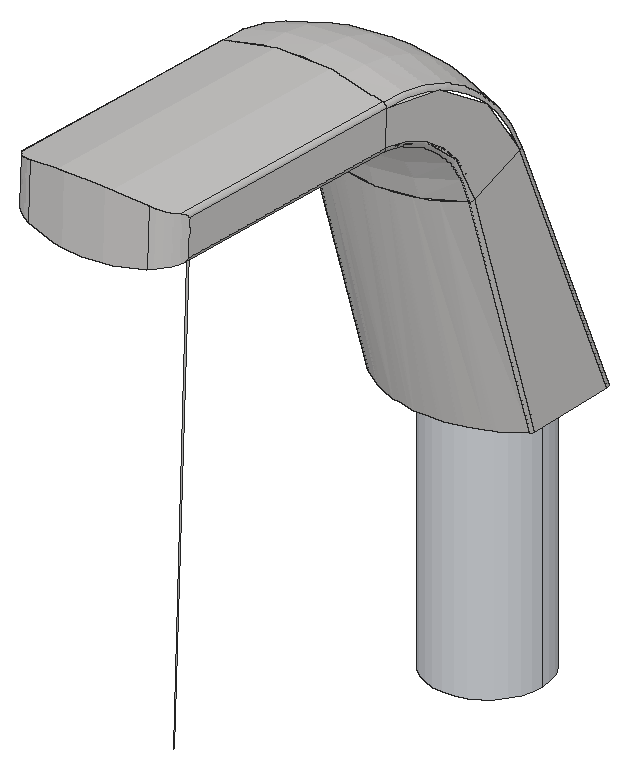
Revit family "TSL.R010", category Specialty Equipment, host Face, Revit 2017
Family settings
  Host = Face
  Round Connector Dimension = Use Diameter
  Part Type = Normal
  OmniClass Number = 23.40.20.21.34
  OmniClass Title = Soap Holders, Dispensers
  Cut with Voids When Loaded = No
  Shared = No
  Room Calculation Point = No
Parameters (values of type "TSL.R010")
  material = Steel-Lovair-Satin
  Waste Connection = no
  WarrantyStartDate [instance] = "1900-12-31T23:59:59"
  WarrantyGuarantorParts = "https://thesplashlab.com/"
  WarrantyGuarantorLabor = "n/a"
  WarrantyDurationUnit = "year"
  WarrantyDurationParts = "1"
  WarrantyDurationLabor = "n/a"
  WarrantyDescription = "2 years from date of purchase"
  Version = 0
  Vent Connection = no
  Uniclass2 = "45-35-72/358"
  URL = "https://thesplashlab.com/"
  TypeName = "TSL.R010"
  Type Comments = "Battery power, Satin finish"
  TagNumber [instance] = "n/a"
  SustainabilityPerformance = "n/a"
  Size = "n/a"
  Shape = "n/a"
  SerialNumber [instance] = "n/a"
  Revision = "n/a"
  ReplacementCost = "n/a"
  ReferencedStandard = ""
  ProductionYear = ""
  ProductInformation = "https://thesplashlab.com/"
  Product Specification Link = "https://thesplashlab.com/"
  Product Page Link = "https://thesplashlab.com/"
  Product O&M Link = "https://thesplashlab.com/"
  Product Documentation Link = "https://thesplashlab.com/"
  NominalWidth = 48 mm
  NominalLength = 164.3 mm
  NominalHeight = 113 mm
  Name = "TSL.R010"
  NBSTypeID = ""
  NBSReference = Uniclass2  # "45-35-72/358"
  NBSNote = ""
  NBSDescription = "n/a"
  NBS Specfication = ""
  ModelReference = "n/a"
  ModelNumber = "TSL.R010"
  Model = "TSL.R010"
  Material = "Stainless Steel"
  ManufacturerURL = "https://thesplashlab.com/"
  Manufacturer Tel = ""
  Manufacturer Fax = ""
  Manufacturer Address = ""
  Manufacturer = "The Splash Lab"
  Keynote = "N13/310"
  InstallationDate [instance] = "1900-12-31T23:59:59"
  IfcExportType = "SOAPDISPENSER"
  IfcExportAs = "IfcBuildingElementProxy"
  Grade = "304"
  Finish = "Brushed"
  Features = "n/a"
  Extidentifier = ""
  ExpectedLife = 2
  DurationUnit = "year"
  DocumentationTechnical = "https://thesplashlab.com/"
  DocumentationMaintenance = "https://thesplashlab.com/"
  DocumentationLiterature = "https://thesplashlab.com/"
  DocumentationInstallationGuide = "https://thesplashlab.com/"
  DocumentationCertificates = ""
  Description = ""
  Default Elevation = 0 mm
  CreatedOn = "April 2019"
  Constituents = "n/a"
  Color = "n/a"
  CodePerformance = "n/a"
  ClassificationValue = ""
  ClassificationName = ""
  Category = "n/a"
  BarCode [instance] = "n/a"
  BIMObjectName = "TSL.R010"
  Author = "https://thesplashlab.com/"
  AssetType = "fixed"
  AssetIdentifier [instance] = "n/a"
  Assembly Code = "C1030210"
  AccessibilityPerformance = "n/a"
Reference planes
  plane 1 "Center (Front/Back)": y = 0
  plane 2: z = 0
  plane 3 "Center (Left/Right)": x = 0
  plane 4: through (0, -66.841, 102.199) normal (0, 0.0418, 0.9991)
Forms (mm)
  SweptBlend 1, solid, material "Steel-Lovair-Satin" <- "material"
    path in 3D
      loop
        line (0, 3.42, -9.397) -> (0, -26.435, 72.629)
    profile origin (0, 3.42, -9.397) x (0, -0.939693, -0.34202) y (1, 0, 0)
      loop
        arc (12.64, -24) -> (13.265, -23.863) -> (13.776, -23.479) r 1.5
        arc (13.776, -23.479) -> (22.5, 0) -> (13.776, 23.48) r 35.959
        arc (13.776, 23.48) -> (13.265, 23.864) -> (12.64, 24) r 1.5
        line (12.64, 24) -> (-12.64, 24)
        arc (-12.64, 24) -> (-13.265, 23.864) -> (-13.776, 23.48) r 1.5
        arc (-13.776, 23.48) -> (-22.5, 0) -> (-13.776, -23.479) r 35.959
        arc (-13.776, -23.479) -> (-13.265, -23.863) -> (-12.64, -24) r 1.5
        line (-12.64, -24) -> (12.64, -24)
    end profile origin (0, -26.435, 72.629) x (0, -0.939693, -0.34202) y (1, 0, 0)
      loop
        line (8.539, 23.997) -> (-8.539, 23.997)
        arc (-8.539, 23.997) -> (-9.347, 23.762) -> (-9.9, 23.128) r 1.5
        arc (-9.9, 23.128) -> (-15, -0.003) -> (-9.899, -23.134) r 55
        arc (-9.899, -23.134) -> (-9.345, -23.768) -> (-8.538, -24.003) r 1.5
        line (-8.538, -24.003) -> (8.538, -24.003)
        arc (8.538, -24.003) -> (9.345, -23.768) -> (9.899, -23.134) r 1.5
        arc (9.899, -23.134) -> (15, -0.003) -> (9.9, 23.128) r 55
        arc (9.9, 23.128) -> (9.347, 23.762) -> (8.539, 23.997) r 1.5
  SweptBlend 2, solid, material "Steel-Lovair-Satin" <- "material"
    path in 3D
      loop
        arc (0, -26.435, 72.629) -> (0, -42.146, 93.553) -> (0, -66.841, 102.199) r 45
    profile origin (0, -26.435, 72.629) x (0, -0.939693, -0.34202) y (1, 0, 0)
      loop
        line (-8.538, -24.003) -> (8.538, -24.003)
        arc (8.538, -24.003) -> (9.345, -23.768) -> (9.899, -23.134) r 1.5
        arc (9.899, -23.134) -> (15, -0.003) -> (9.9, 23.128) r 55
        arc (9.9, 23.128) -> (9.347, 23.762) -> (8.539, 23.997) r 1.5
        line (8.539, 23.997) -> (-8.539, 23.997)
        arc (-8.539, 23.997) -> (-9.347, 23.762) -> (-9.9, 23.128) r 1.5
        arc (-9.9, 23.128) -> (-15, -0.003) -> (-9.899, -23.134) r 55
        arc (-9.899, -23.134) -> (-9.345, -23.768) -> (-8.538, -24.003) r 1.5
    end profile origin (0, -66.841, 102.199) x (0, -0.041774, -0.999127) y (1, 0, 0)
      loop
        arc (-6.313, -22.956) -> (-5.698, -23.759) -> (-4.714, -23.99) r 1.503
        line (-4.714, -23.99) -> (4.944, -23.991)
        arc (4.944, -23.991) -> (5.824, -23.706) -> (6.371, -22.961) r 1.504
        arc (6.371, -22.961) -> (10.086, -0.001) -> (6.372, 22.959) r 72.821
        arc (6.372, 22.959) -> (5.837, 23.7) -> (4.975, 24) r 1.521
        line (4.975, 24) -> (-5.047, 24)
        arc (-5.047, 24) -> (-5.833, 23.666) -> (-6.313, 22.96) r 1.514
        arc (-6.313, 22.96) -> (-9.914, 0.002) -> (-6.313, -22.956) r 74.981
  Sweep 3, solid, material "Steel-Lovair-Satin" <- "material"
    path in 3D
      loop
        line (0, -146.127, 105.514) -> (0, -66.841, 102.199)
    profile origin (0, -106.484, 103.856) x (0, 0.041774, 0.999127) y (1, 0, 0)
      loop
        arc (4.8, -23.99) -> (5.784, -23.76) -> (6.399, -22.956) r 1.5
        arc (6.399, -22.956) -> (10, 0.003) -> (6.398, 22.96) r 74.981
        arc (6.398, 22.96) -> (5.854, 23.713) -> (4.97, 24.01) r 1.5
        line (4.97, 24.01) -> (-5.004, 24)
        arc (-5.004, 24) -> (-5.868, 23.703) -> (-6.401, 22.957) r 1.5
        arc (-6.401, 22.957) -> (-10, -0.002) -> (-6.4, -22.959) r 75.012
        arc (-6.4, -22.959) -> (-5.92, -23.662) -> (-5.134, -23.991) r 1.5
        line (-5.134, -23.991) -> (4.8, -23.99)
  Extrusion 4, void
    sketch origin (0, 0, 0) x (0, 1, 0) y (0, 0, 1)
      loop
        line (47.171, 0) -> (-51.804, 0) -> (-51.804, -17.4) -> (47.171, -17.4) -> (47.171, 0)
    from -25 to 25
  Revolve 5, solid, material "Steel-Lovair-Satin" <- "material"
    sketch origin (0, 0, 0) x (0, 1, 0) y (0, 0, 1)
      loop
        line (-121.149, 104.469) -> (-121.532, 95.318)
        arc (-121.532, 95.318) -> (-121.138, 94.242) -> (-120.098, 93.76) r 1.497
        line (-120.098, 93.76) -> (-119.096, 93.718) -> (-119.034, 95.217) -> (-117.461, 95.151) -> (-116.175, 91.768) -> (-111.679, 91.58) -> (-111.158, 104.052) -> (-121.149, 104.469)
      axis (-111.158, 104.052) -> (-111.679, 91.58)
    angle from 0 to 360
  Sweep 6, solid, material "Steel-Lovair-Satin" <- "material"
    path in 3D
      loop
        spline (0, -101.476, 96.238) -> (-2.603, -101.819, 96.297) -> (-4.999, -102.81, 96.46) -> (-7.068, -104.387, 96.693) -> (-8.658, -106.447, 96.947) -> (-9.657, -108.853, 97.171) -> (-9.997, -111.441, 97.324) -> (-9.659, -114.021, 97.387) -> (-8.655, -116.45, 97.365) -> (-7.074, -118.512, 97.285) -> (-4.998, -120.111, 97.184) -> (-2.604, -121.111, 97.104) -> (0, -121.458, 97.073)
        spline (0, -121.458, 97.073) -> (2.603, -121.112, 97.104) -> (5.001, -120.108, 97.184) -> (7.071, -118.516, 97.284) -> (8.659, -116.444, 97.365) -> (9.657, -114.027, 97.387) -> (9.997, -111.435, 97.324) -> (9.658, -108.859, 97.171) -> (8.654, -106.442, 96.947) -> (7.071, -104.391, 96.694) -> (4.996, -102.807, 96.46) -> (2.604, -101.82, 96.297) -> (0, -101.476, 96.238)
    profile origin (9.997, -111.435, 97.324) x (0.99108, 0.00697, 0.133087) y (0.133262, -0.041347, -0.990218)
      loop
        line (-0.17, -0.19) -> (2.759, -0.19)
        arc (2.759, -0.19) -> (0.574, 0.544) -> (-0.54, 2.561) r 3.178
        line (-0.54, 2.561) -> (-0.17, -0.19)
  Extrusion 7, void
    sketch origin (0, -66.841, 102.199) x (0, -0.999127, 0.041774) y (-1, 0, 0)
      loop
        arc (67.621, 24.635) -> (73.81, 22.489) -> (77.344, 16.973) r 10
        arc (77.344, 16.973) -> (79.355, 0) -> (77.344, -16.973) r 72.599
        arc (77.344, -16.973) -> (73.81, -22.489) -> (67.621, -24.635) r 10
        line (67.621, -24.635) -> (86.052, -24.635) -> (86.052, 24.635) -> (67.621, 24.635)
    from -37.458 to 10.642
  Extrusion 8, solid
    sketch origin (-266.8, -230.5, 0) x (1, 0, 0) y (0, 1, 0)
      loop
        circle (266.8, 230.5) r 16
    from 0 to -74.558
Cuts and joins
  Extrusion 4 cuts SweptBlend 1
  Extrusion 7 cuts Sweep 3
  joined: Sweep 3, Revolve 5
Lines and regions (mm)
  Masking region 1
    outline origin (-266.8, -230.5, 0) x (1, 0, 0) y (0, 1, 0)
      loop
        line (242.801, 237.95) -> (242.801, 92.494)
        arc (242.801, 92.494) -> (245.522, 88.447) -> (249.827, 86.155) r 10.061
        arc (249.827, 86.155) -> (266.8, 84.071) -> (283.773, 86.155) r 70.145
        arc (283.773, 86.155) -> (288.078, 88.447) -> (290.799, 92.494) r 10.061
        line (290.799, 92.494) -> (290.799, 237.95)
        arc (290.799, 237.95) -> (290.656, 238.631) -> (290.252, 239.198) r 1.698
        arc (290.252, 239.198) -> (266.8, 248.411) -> (243.348, 239.198) r 34.456
        arc (243.348, 239.198) -> (242.944, 238.631) -> (242.801, 237.95) r 1.698
  Masking region 2
    outline origin (0, 0, 0) x (0, 1, 0) y (0, 0, 1)
      loop
        line (23.773, 0) -> (-12.339, 77.759)
        arc (-12.339, 77.759) -> (-34.11, 103.236) -> (-66.427, 112.104) r 57.079
        line (-66.427, 112.104) -> (-145.71, 115.505) -> (-146.545, 95.522) -> (-121.31, 94.441)
        arc (-121.31, 94.441) -> (-120.761, 93.936) -> (-120.037, 93.757) r 1.504
        line (-120.037, 93.757) -> (-116.888, 93.626) -> (-116.175, 91.768) -> (-107.179, 91.392) -> (-106.314, 93.172) -> (-103.166, 93.034)
        arc (-103.166, 93.034) -> (-102.429, 93.15) -> (-101.839, 93.606) r 1.504
        line (-101.839, 93.606) -> (-67.262, 92.124)
        arc (-67.262, 92.124) -> (-50.332, 83.679) -> (-40.527, 67.5) r 34.036
        line (-40.527, 67.5) -> (-22.337, 0) -> (23.773, 0)
  Masking region 3
    outline origin (-120.84, 6.966, 0) x (-1, 0, 0) y (0, 0, -1)
      loop
        line (-96.836, 0) -> (-144.837, 0) -> (-144.837, -110.252)
        arc (-144.837, -110.252) -> (-144.536, -111.11) -> (-143.802, -111.648) r 1.539
        arc (-143.802, -111.648) -> (-120.867, -115.505) -> (-97.93, -111.665) r 70.269
        arc (-97.93, -111.665) -> (-97.143, -111.108) -> (-96.842, -110.194) r 1.539
        line (-96.842, -110.194) -> (-96.836, 0)
  reference lines
    curve 1: line (0, 3.42, -9.397) -> (0, -26.435, 72.629)
    curve 2: line (0, -146.127, 105.514) -> (0, -66.841, 102.199)
    curve 3: arc (0, -26.435, 72.629) -> (0, -42.146, 93.553) -> (0, -66.841, 102.199) r 45
    curve 7: line (0, -111.158, 104.052) -> (0, -111.784, 89.065)
  sketch lines
    curve 4: line (0, 3.42, -9.397) -> (0, -26.435, 72.629)
    curve 5: arc (0, -26.435, 72.629) -> (0, -42.146, 93.553) -> (0, -66.841, 102.199) r 45
    curve 6: line (0, -146.127, 105.514) -> (0, -66.841, 102.199)
    curve 8: spline (0, -121.458, 97.073) -> (2.603, -121.112, 97.104) -> (5.001, -120.108, 97.184) -> (7.071, -118.516, 97.284) -> (8.659, -116.444, 97.365) -> (9.657, -114.027, 97.387) -> (9.997, -111.435, 97.324) -> (9.658, -108.859, 97.171) -> (8.654, -106.442, 96.947) -> (7.071, -104.391, 96.694) -> (4.996, -102.807, 96.46) -> (2.604, -101.82, 96.297) -> (0, -101.476, 96.238)
    curve 9: spline (0, -101.476, 96.238) -> (-2.603, -101.819, 96.297) -> (-4.999, -102.81, 96.46) -> (-7.068, -104.387, 96.693) -> (-8.658, -106.447, 96.947) -> (-9.657, -108.853, 97.171) -> (-9.997, -111.441, 97.324) -> (-9.659, -114.021, 97.387) -> (-8.655, -116.45, 97.365) -> (-7.074, -118.512, 97.285) -> (-4.998, -120.111, 97.184) -> (-2.604, -121.111, 97.104) -> (0, -121.458, 97.073)
  symbolic lines
    curve 10: arc (-21.669, -21.384, 0) -> (0, -17.092, 0) -> (21.669, -21.384, 0) r 56.849
  symbolic lines, style "0"
    curve 11: arc (0, -121.31, 94.441) -> (0, -111.555, 94.693) -> (0, -101.86, 93.588) r 70.065
    curve 12: line (0, -106.314, 93.172) -> (0, -116.884, 93.614)
    curve 13: arc (-22.733, 6.966, 111.725) -> (0.123, 6.966, 115.505) -> (22.97, 6.966, 111.665) r 70.436
    curve 14: arc (23.997, 6.966, 110.252) -> (23.706, 6.966, 111.12) -> (22.97, 6.966, 111.665) r 1.525
    curve 15: arc (-23.997, 6.966, 110.252) -> (-23.63, 6.966, 111.216) -> (-22.733, 6.966, 111.725) r 1.525
    curve 16: arc (-22.733, 6.966, 99.019) -> (0.123, 6.966, 95.239) -> (22.97, 6.966, 99.079) r 70.436
    curve 17: arc (23.997, 6.966, 100.492) -> (23.706, 6.966, 99.624) -> (22.97, 6.966, 99.079) r 1.525
    curve 18: arc (-23.997, 6.966, 100.492) -> (-23.63, 6.966, 99.528) -> (-22.733, 6.966, 99.019) r 1.525
    curve 19: line (-5.521, 6.966, 93.925) -> (-4.528, 6.966, 91.586)
    curve 20: line (5.521, 6.966, 93.925) -> (4.528, 6.966, 91.586)
    curve 21: arc (-4.528, 6.966, 91.586) -> (0, 6.966, 91.381) -> (4.528, 6.966, 91.586) r 50.007
    curve 22: arc (-4.528, 6.966, 91.586) -> (0, 6.966, 91.768) -> (4.528, 6.966, 91.586) r 56.469
    curve 23: arc (-10.1, 6.966, 95.971) -> (-9.888, 6.966, 95.352) -> (-9.801, 6.966, 94.703) r 3.346
    curve 24: arc (10.096, 6.966, 95.962) -> (9.887, 6.966, 95.347) -> (9.801, 6.966, 94.703) r 3.346
    curve 25: arc (-9.801, 6.966, 94.703) -> (-7.671, 6.966, 94.26) -> (-5.521, 6.966, 93.925) r 42.88
    curve 26: arc (-5.521, 6.966, 93.925) -> (2.175, 6.966, 93.623) -> (9.801, 6.966, 94.703) r 42.88
Dimensions and locks
  equal spacing: Extrusion 7 sketch curve, plane 3 "Center (Left/Right)", Extrusion 7 sketch curve
  aligned and locked: plane 2 to host face
  aligned and locked: level to host face
  aligned and locked: SweptBlend 1 to SweptBlend 2 sketch curve  (x2)
  aligned and locked: Revolve 5 sketch curve to curve 7  (x2)
Nested families
  nested 1: "Family3" at (0, 77.517, -436.362) x (0, -1, 0) z (1, 0, 0), type "Family3"
Definition of nested family "Family3"
  Reference planes
    plane 1 "Center (Front/Back)": y = 0
    plane 2: z = 0
    plane 3 "Center (Left/Right)": x = 0
  Lines and regions (mm)
    model lines, in view "Ref. Level"
      curve 1: arc (53.649, -123.319, 0) -> (51.176, -113.186, 0) -> (44.314, -105.33, 0) r 22
      curve 2: arc (29.572, -94.952, 0) -> (23.957, -88.525, 0) -> (21.934, -80.234, 0) r 18
      curve 3: arc (17.934, -80.234, 0) -> (20.407, -90.367, 0) -> (27.269, -98.223, 0) r 22
      curve 4: arc (42.011, -108.601, 0) -> (47.626, -115.028, 0) -> (49.649, -123.319, 0) r 18
      curve 5: arc (53.715, -204.467, 0) -> (50.933, -215.176, 0) -> (43.289, -223.176, 0) r 22
      curve 6: arc (20.53, -237.255, 0) -> (14.277, -243.801, 0) -> (12, -252.563, 0) r 18
      curve 7: arc (49.715, -204.467, 0) -> (47.439, -213.229, 0) -> (41.185, -219.774, 0) r 18
      curve 8: arc (18.426, -233.853, 0) -> (10.782, -241.853, 0) -> (8, -252.563, 0) r 22
      curve 9: line (45.715, 318.924, 0) -> (13.127, 286.333, 0)
      curve 10: line (45.715, 314.923, 0) -> (17.128, 286.339, 0)
      curve 11: line (45.715, 314.923, 0) -> (74.47, 343.678, 0)
      curve 12: line (45.715, 318.924, 0) -> (70.469, 343.678, 0)
      curve 13: arc (16.417, 168.125, 0) -> (17.46, 171.319, 0) -> (20.127, 173.361, 0) r 5.672
      curve 14: arc (20.127, 173.361, 0) -> (23.291, 175.817, 0) -> (24.589, 179.605, 0) r 6.993
      curve 15: arc (23.393, 179.63, 0) -> (22.314, 176.507, 0) -> (19.703, 174.48, 0) r 5.797
      curve 16: arc (19.703, 174.48, 0) -> (16.478, 172.002, 0) -> (15.221, 168.134, 0) r 6.868
      curve 17: arc (13.584, 168.125, 0) -> (12.54, 171.319, 0) -> (9.874, 173.361, 0) r 5.672
      curve 18: arc (9.874, 173.361, 0) -> (6.71, 175.817, 0) -> (5.412, 179.605, 0) r 6.993
      curve 19: arc (6.608, 179.63, 0) -> (7.687, 176.507, 0) -> (10.297, 174.48, 0) r 5.797
      curve 20: arc (10.297, 174.48, 0) -> (13.522, 172.002, 0) -> (14.78, 168.134, 0) r 6.868
      curve 21: arc (16.417, 252.314, 0) -> (17.46, 249.121, 0) -> (20.127, 247.078, 0) r 5.672
      curve 22: arc (20.127, 247.078, 0) -> (23.291, 244.623, 0) -> (24.589, 240.834, 0) r 6.993
      curve 23: arc (23.393, 240.809, 0) -> (22.314, 243.933, 0) -> (19.703, 245.959, 0) r 5.797
      curve 24: arc (19.703, 245.959, 0) -> (16.478, 248.438, 0) -> (15.221, 252.305, 0) r 6.868
      curve 25: arc (13.584, 252.314, 0) -> (12.54, 249.121, 0) -> (9.874, 247.078, 0) r 5.672
      curve 26: arc (9.874, 247.078, 0) -> (6.71, 244.623, 0) -> (5.412, 240.834, 0) r 6.993
      curve 27: arc (6.608, 240.809, 0) -> (7.687, 243.933, 0) -> (10.297, 245.959, 0) r 5.797
      curve 28: arc (10.297, 245.959, 0) -> (13.522, 248.438, 0) -> (14.78, 252.305, 0) r 6.868
      curve 29: line (22.931, -67.247, 0) -> (26.841, -92.585, 0)
      curve 30: line (16.937, -66.983, 0) -> (44.487, -110.702, 0)
      curve 31: line (53.649, -126.287, 0) -> (53.649, -123.319, 0)
      curve 32: line (44.314, -105.33, 0) -> (29.572, -94.952, 0)
      curve 33: line (21.934, -80.234, 0) -> (21.934, -67.115, 0)
      curve 34: line (21.934, -67.115, 0) -> (17.934, -67.115, 0)
      curve 35: line (17.934, -67.115, 0) -> (17.934, -80.234, 0)
      curve 36: line (27.269, -98.223, 0) -> (42.011, -108.601, 0)
      curve 37: line (49.649, -123.319, 0) -> (49.649, -126.287, 0)
      curve 38: line (0, 61.75, 0) -> (40, 61.75, 0)
      curve 39: line (40, 61.75, 0) -> (40, -60.586, 0)
      curve 40: line (40, -60.586, 0) -> (0, -60.586, 0)
      curve 41: line (0, -60.586, 0) -> (0, 61.75, 0)
      curve 42: line (14.003, -62.582, 0) -> (25.998, -62.582, 0)
      curve 43: line (25.998, -62.582, 0) -> (14.003, -62.582, 0)
      curve 44: line (13.336, -62.582, 0) -> (26.664, -62.582, 0)
      curve 45: line (26.664, -62.582, 0) -> (13.336, -62.582, 0)
      curve 46: line (13.336, -62.582, 0) -> (26.664, -62.582, 0)
      curve 47: line (26.664, -62.582, 0) -> (26.664, -60.586, 0)
      curve 48: line (26.664, -60.586, 0) -> (13.336, -60.586, 0)
      curve 49: line (13.336, -60.586, 0) -> (13.336, -62.582, 0)
      curve 50: line (16.402, -66.183, 0) -> (23.73, -66.183, 0)
      curve 51: line (23.73, -66.183, 0) -> (23.73, -62.582, 0)
      curve 52: line (23.73, -62.582, 0) -> (16.402, -62.582, 0)
      curve 53: line (16.402, -62.582, 0) -> (16.402, -66.183, 0)
      curve 54: line (17.201, -67.115, 0) -> (22.667, -67.115, 0)
      curve 55: line (22.667, -67.115, 0) -> (22.667, -66.183, 0)
      curve 56: line (22.667, -66.183, 0) -> (17.201, -66.183, 0)
      curve 57: line (17.201, -66.183, 0) -> (17.201, -67.115, 0)
      curve 58: line (40, 24.701, 0) -> (30, 24.701, 0)
      curve 59: line (30, -60.586, 0) -> (30, 61.75, 0)
      curve 60: line (37.819, 53.889, 0) -> (33.26, 53.889, 0)
      curve 61: line (33.26, 53.889, 0) -> (33.26, 39.097, 0)
      curve 62: line (33.26, 39.097, 0) -> (37.819, 39.097, 0)
      curve 63: line (37.819, 39.097, 0) -> (37.819, 53.889, 0)
      curve 64: line (30, 56.02, 0) -> (31.087, 56.02, 0)
      curve 65: line (31.087, 56.02, 0) -> (31.087, 36.966, 0)
      curve 66: line (31.087, 36.966, 0) -> (30, 36.966, 0)
      curve 67: line (30, 36.966, 0) -> (30, 56.02, 0)
      curve 68: line (31.087, 55.356, 0) -> (32.173, 55.356, 0)
      curve 69: line (32.173, 55.356, 0) -> (32.173, 37.63, 0)
      curve 70: line (32.173, 37.63, 0) -> (31.087, 37.63, 0)
      curve 71: line (31.087, 37.63, 0) -> (31.087, 55.356, 0)
      curve 72: line (32.173, 54.553, 0) -> (33.26, 54.553, 0)
      curve 73: line (33.26, 54.553, 0) -> (33.26, 38.433, 0)
      curve 74: line (33.26, 38.433, 0) -> (32.173, 38.433, 0)
      curve 75: line (32.173, 38.433, 0) -> (32.173, 54.553, 0)
      curve 76: line (53.715, -201.479, 0) -> (53.715, -204.467, 0)
      curve 77: line (43.289, -223.176, 0) -> (20.53, -237.255, 0)
      curve 78: line (12, -252.563, 0) -> (12, -260.651, 0)
      curve 79: line (49.715, -201.479, 0) -> (49.715, -204.467, 0)
      curve 80: line (41.185, -219.774, 0) -> (18.426, -233.853, 0)
      curve 81: line (8, -252.563, 0) -> (8, -260.651, 0)
      curve 82: line (8, -386.914, 0) -> (8, -378.826, 0)
      curve 83: line (12, -386.914, 0) -> (12, -378.826, 0)
      curve 84: line (21.664, 61.75, 0) -> (21.664, 62.681, 0)
      curve 85: line (21.664, 62.681, 0) -> (8.336, 62.681, 0)
      curve 86: line (8.336, 62.681, 0) -> (8.336, 61.75, 0)
      curve 87: line (21.664, 62.681, 0) -> (8.336, 62.681, 0)
      curve 88: line (35, 24.701, 0) -> (35, -60.586, 0)
      curve 89: line (40, -57.438, 0) -> (0, -57.438, 0)
      curve 90: line (40, 58.602, 0) -> (0, 58.602, 0)
      curve 91: line (16.417, 159.846, 0) -> (16.417, 168.125, 0)
      curve 92: line (24.589, 179.605, 0) -> (24.589, 186.406, 0)
      curve 93: line (24.589, 186.406, 0) -> (23.393, 186.406, 0)
      curve 94: line (23.393, 186.406, 0) -> (23.393, 179.63, 0)
      curve 95: line (15.221, 168.134, 0) -> (15.221, 159.846, 0)
      curve 96: line (13.584, 159.846, 0) -> (13.584, 168.125, 0)
      curve 97: line (5.412, 179.605, 0) -> (5.412, 186.406, 0)
      curve 98: line (5.412, 186.406, 0) -> (6.608, 186.406, 0)
      curve 99: line (6.608, 186.406, 0) -> (6.608, 179.63, 0)
      curve 100: line (14.78, 168.134, 0) -> (14.78, 159.846, 0)
      curve 101: line (16.417, 260.593, 0) -> (16.417, 252.314, 0)
      curve 102: line (24.589, 240.834, 0) -> (24.589, 234.033, 0)
      curve 103: line (24.589, 234.033, 0) -> (23.393, 234.033, 0)
      curve 104: line (23.393, 234.033, 0) -> (23.393, 240.809, 0)
      curve 105: line (15.221, 252.305, 0) -> (15.221, 260.593, 0)
      curve 106: line (13.584, 260.593, 0) -> (13.584, 252.314, 0)
      curve 107: line (5.412, 240.834, 0) -> (5.412, 234.033, 0)
      curve 108: line (5.412, 234.033, 0) -> (6.608, 234.033, 0)
      curve 109: line (6.608, 234.033, 0) -> (6.608, 240.809, 0)
      curve 110: line (14.78, 252.305, 0) -> (14.78, 260.593, 0)
      curve 111: line (13.134, 159.846, 0) -> (17.133, 159.846, 0)
      curve 112: line (13.134, 159.846, 0) -> (13.134, 62.681, 0)
      curve 113: line (13.134, 62.681, 0) -> (17.133, 62.681, 0)
      curve 114: line (17.133, 62.681, 0) -> (17.133, 159.846, 0)
      curve 115: line (70.469, 343.678, 0) -> (70.469, 361.701, 0)
      curve 116: line (70.469, 361.701, 0) -> (74.47, 361.701, 0)
      curve 117: line (74.47, 361.701, 0) -> (74.47, 343.678, 0)
      curve 118: line (13.127, 286.333, 0) -> (13.127, 260.593, 0)
      curve 119: line (13.127, 260.593, 0) -> (17.128, 260.593, 0)
      curve 120: line (17.128, 260.593, 0) -> (17.128, 286.339, 0)
      curve 121: line (78.817, 331.23, 0) -> (79.884, 331.23, 0)
      curve 122: line (78.817, 361.749, 0) -> (84.949, 361.749, 0)
      curve 123: line (78.817, 361.749, 0) -> (78.817, 331.23, 0)
      curve 124: line (84.949, 331.23, 0) -> (83.882, 331.23, 0)
      curve 125: line (84.949, 361.749, 0) -> (84.949, 331.23, 0)
      curve 126: line (78.817, 270.864, 0) -> (79.884, 270.864, 0)
      curve 127: line (79.884, 270.864, 0) -> (79.884, 248.605, 0)
      curve 128: line (79.884, 248.605, 0) -> (78.817, 248.605, 0)
      curve 129: line (78.817, 248.605, 0) -> (78.817, 270.864, 0)
      curve 130: line (84.949, 270.864, 0) -> (83.882, 270.864, 0)
      curve 131: line (83.882, 270.864, 0) -> (83.882, 248.605, 0)
      curve 132: line (83.882, 248.605, 0) -> (84.949, 248.605, 0)
      curve 133: line (84.949, 248.605, 0) -> (84.949, 270.864, 0)
      curve 134: line (78.817, 188.24, 0) -> (84.949, 188.24, 0)
      curve 135: line (84.949, 188.24, 0) -> (84.949, 164.605, 0)
      curve 136: line (84.949, 164.605, 0) -> (78.817, 164.605, 0)
      curve 137: line (78.817, 164.605, 0) -> (78.817, 188.24, 0)
      curve 138: line (11.466, 62.669, 0) -> (18.801, 62.694, 0)
      curve 139: line (11.984, 62.681, 0) -> (18.283, 62.681, 0)
      curve 140: line (79.884, 270.864, 0) -> (83.882, 270.864, 0)
      curve 141: line (79.884, 248.605, 0) -> (83.882, 248.605, 0)
      curve 142: line (79.884, 331.23, 0) -> (83.882, 331.23, 0)
      curve 143: line (13.134, 79.611, 0) -> (11.466, 62.669, 0)
      curve 144: line (57.98, -163.6, 0) -> (57.98, -145.345, 0)
      curve 145: line (57.98, -145.345, 0) -> (57.98, -145.077, 0)
      curve 146: line (57.98, -145.077, 0) -> (56.78, -141.212, 0)
      curve 147: line (56.78, -141.079, 0) -> (56.648, -140.947, 0)
      curve 148: line (56.648, -140.947, 0) -> (56.513, -133.483, 0)
      curve 149: line (56.513, -133.483, 0) -> (56.381, -132.552, 0)
      curve 150: line (56.381, -132.552, 0) -> (56.381, -130.017, 0)
      curve 151: line (56.381, -130.017, 0) -> (56.248, -128.418, 0)
      curve 152: line (56.248, -128.418, 0) -> (56.248, -127.486, 0)
      curve 153: line (56.248, -127.486, 0) -> (56.248, -126.287, 0)
      curve 154: line (56.248, -126.287, 0) -> (47.05, -126.287, 0)
      curve 155: line (47.05, -126.287, 0) -> (47.05, -127.486, 0)
      curve 156: line (47.05, -127.486, 0) -> (47.05, -128.418, 0)
      curve 157: line (47.05, -128.418, 0) -> (46.918, -130.017, 0)
      curve 158: line (46.918, -130.017, 0) -> (46.918, -132.552, 0)
      curve 159: line (46.918, -132.552, 0) -> (46.786, -133.483, 0)
      curve 160: line (46.786, -133.483, 0) -> (46.65, -140.947, 0)
      curve 161: line (46.65, -140.947, 0) -> (46.518, -141.079, 0)
      curve 162: line (46.518, -141.212, 0) -> (45.319, -145.077, 0)
      curve 163: line (45.319, -145.077, 0) -> (45.319, -145.345, 0)
      curve 164: line (45.319, -145.345, 0) -> (45.319, -163.6, 0)
      curve 165: line (45.319, -163.6, 0) -> (58.112, -163.6, 0)
      curve 166: line (47.05, -163.6, 0) -> (47.05, -162.536, 0)
      curve 167: line (47.05, -162.536, 0) -> (48.382, -162.536, 0)
      curve 168: line (48.382, -162.536, 0) -> (48.382, -145.077, 0)
      curve 169: line (48.382, -145.077, 0) -> (49.052, -141.212, 0)
      curve 170: line (49.052, -141.212, 0) -> (49.184, -133.483, 0)
      curve 171: line (49.2, -132.552, 0) -> (49.228, -130.952, 0)
      curve 172: line (49.244, -130.017, 0) -> (49.271, -128.418, 0)
      curve 173: line (49.287, -127.486, 0) -> (49.307, -126.287, 0)
      curve 174: line (56.248, -163.6, 0) -> (56.248, -162.536, 0)
      curve 175: line (56.248, -162.536, 0) -> (54.917, -162.536, 0)
      curve 176: line (54.917, -162.536, 0) -> (54.917, -145.077, 0)
      curve 177: line (54.917, -145.077, 0) -> (54.246, -141.212, 0)
      curve 178: line (54.246, -141.212, 0) -> (54.114, -133.483, 0)
      curve 179: line (54.098, -132.552, 0) -> (54.071, -130.952, 0)
      curve 180: line (54.055, -130.017, 0) -> (54.027, -128.418, 0)
      curve 181: line (54.011, -127.486, 0) -> (53.991, -126.287, 0)
      curve 182: line (45.319, -145.077, 0) -> (57.98, -145.077, 0)
      curve 183: line (56.78, -141.212, 0) -> (46.518, -141.212, 0)
      curve 184: line (46.518, -141.212, 0) -> (56.78, -141.079, 0)
      curve 185: line (56.78, -141.079, 0) -> (46.65, -140.947, 0)
      curve 186: line (56.248, -128.418, 0) -> (52.65, -128.418, 0)
      curve 187: line (52.65, -128.418, 0) -> (52.65, -127.486, 0)
      curve 188: line (52.65, -127.486, 0) -> (56.248, -127.486, 0)
      curve 189: line (56.381, -130.952, 0) -> (52.65, -130.952, 0)
      curve 190: line (52.65, -130.952, 0) -> (52.65, -130.017, 0)
      curve 191: line (52.65, -130.017, 0) -> (56.381, -130.017, 0)
      curve 192: line (56.513, -133.483, 0) -> (52.65, -133.483, 0)
      curve 193: line (52.65, -133.483, 0) -> (52.65, -132.552, 0)
      curve 194: line (52.65, -132.552, 0) -> (56.381, -132.552, 0)
      curve 195: line (47.05, -128.418, 0) -> (50.648, -128.418, 0)
      curve 196: line (50.648, -128.418, 0) -> (50.648, -127.486, 0)
      curve 197: line (50.648, -127.486, 0) -> (47.05, -127.486, 0)
      curve 198: line (46.918, -130.952, 0) -> (50.648, -130.952, 0)
      curve 199: line (50.648, -130.952, 0) -> (50.648, -130.017, 0)
      curve 200: line (50.648, -130.017, 0) -> (46.918, -130.017, 0)
      curve 201: line (46.786, -133.483, 0) -> (50.648, -133.483, 0)
      curve 202: line (50.648, -133.483, 0) -> (50.648, -132.552, 0)
      curve 203: line (50.648, -132.552, 0) -> (46.918, -132.552, 0)
      curve 204: line (48.382, -162.536, 0) -> (54.917, -162.536, 0)
      curve 205: arc (55.864, -168.69, 0) -> (56.087, -168.782, 0) -> (56.179, -169.005, 0) r 0.315
      curve 206: arc (54.18, -196.146, 0) -> (53.592, -196.405, 0) -> (53.245, -196.946, 0) r 1.114
      curve 207: arc (53.262, -197.793, 0) -> (53.614, -198.298, 0) -> (54.18, -198.539, 0) r 1.114
      curve 208: arc (49.25, -198.539, 0) -> (49.817, -198.298, 0) -> (50.169, -197.793, 0) r 1.114
      curve 209: arc (50.185, -196.946, 0) -> (49.838, -196.405, 0) -> (49.25, -196.146, 0) r 1.114
      curve 210: arc (47.252, -169.005, 0) -> (47.344, -168.782, 0) -> (47.566, -168.69, 0) r 0.315
      curve 211: line (56.179, -169.005, 0) -> (47.566, -168.69, 0)
      curve 212: line (47.566, -168.69, 0) -> (49.25, -168.69, 0)
      curve 213: line (49.25, -168.69, 0) -> (49.25, -158.566, 0)
      curve 214: line (49.25, -158.566, 0) -> (49.515, -158.566, 0)
      curve 215: line (49.515, -158.566, 0) -> (49.515, -156.967, 0)
      curve 216: line (49.515, -156.967, 0) -> (53.916, -156.967, 0)
      curve 217: line (53.916, -156.967, 0) -> (53.916, -158.566, 0)
      curve 218: line (53.916, -158.566, 0) -> (54.18, -158.566, 0)
      curve 219: line (54.18, -158.566, 0) -> (54.18, -168.69, 0)
      curve 220: line (54.18, -168.69, 0) -> (55.864, -168.69, 0)
      curve 221: line (55.864, -168.69, 0) -> (56.179, -178.955, 0)
      curve 222: line (56.179, -178.955, 0) -> (54.848, -182.95, 0)
      curve 223: line (54.848, -182.95, 0) -> (54.448, -182.95, 0)
      curve 224: line (54.448, -182.95, 0) -> (54.448, -184.017, 0)
      curve 225: line (54.448, -184.017, 0) -> (54.712, -184.017, 0)
      curve 226: line (54.712, -184.017, 0) -> (54.712, -185.616, 0)
      curve 227: line (54.712, -185.616, 0) -> (54.448, -185.616, 0)
      curve 228: line (54.448, -185.616, 0) -> (54.448, -186.551, 0)
      curve 229: line (54.448, -186.551, 0) -> (54.712, -186.551, 0)
      curve 230: line (54.712, -186.551, 0) -> (54.712, -188.151, 0)
      curve 231: line (54.712, -188.151, 0) -> (54.448, -188.151, 0)
      curve 232: line (54.448, -188.151, 0) -> (54.448, -189.085, 0)
      curve 233: line (54.448, -189.085, 0) -> (54.712, -189.085, 0)
      curve 234: line (54.712, -189.085, 0) -> (54.712, -189.306, 0)
      curve 235: line (54.712, -189.306, 0) -> (54.712, -190.549, 0)
      curve 236: line (54.712, -190.549, 0) -> (54.448, -190.681, 0)
      curve 237: line (54.448, -190.681, 0) -> (54.448, -191.749, 0)
      curve 238: line (54.58, -191.881, 0) -> (54.312, -195.879, 0)
      curve 239: line (54.217, -195.879, 0) -> (54.18, -196.146, 0)
      curve 240: line (53.245, -196.946, 0) -> (53.245, -197.691, 0)
      curve 241: line (54.18, -198.539, 0) -> (54.18, -201.145, 0)
      curve 242: line (54.18, -201.145, 0) -> (53.982, -201.344, 0)
      curve 243: line (53.982, -201.479, 0) -> (51.715, -201.479, 0)
      curve 244: line (51.715, -201.479, 0) -> (49.449, -201.479, 0)
      curve 245: line (49.449, -201.344, 0) -> (49.25, -201.145, 0)
      curve 246: line (49.25, -201.145, 0) -> (49.25, -198.539, 0)
      curve 247: line (49.25, -198.539, 0) -> (54.18, -198.539, 0)
      curve 248: line (50.185, -197.691, 0) -> (50.185, -196.946, 0)
      curve 249: line (49.214, -195.879, 0) -> (54.18, -196.146, 0)
      curve 250: line (54.18, -196.146, 0) -> (49.25, -196.146, 0)
      curve 251: line (49.25, -196.146, 0) -> (49.214, -195.879, 0)
      curve 252: line (49.118, -195.879, 0) -> (48.851, -191.881, 0)
      curve 253: line (48.983, -191.749, 0) -> (48.983, -190.681, 0)
      curve 254: line (48.983, -190.681, 0) -> (48.718, -190.549, 0)
      curve 255: line (48.718, -190.549, 0) -> (48.718, -189.306, 0)
      curve 256: line (48.718, -189.306, 0) -> (48.718, -189.085, 0)
      curve 257: line (48.718, -189.085, 0) -> (48.983, -189.085, 0)
      curve 258: line (48.983, -189.085, 0) -> (48.983, -188.151, 0)
      curve 259: line (48.983, -188.151, 0) -> (48.718, -188.151, 0)
      curve 260: line (48.718, -188.151, 0) -> (48.718, -186.551, 0)
      curve 261: line (48.718, -186.551, 0) -> (48.983, -186.551, 0)
      curve 262: line (48.983, -186.551, 0) -> (48.983, -185.616, 0)
      curve 263: line (48.983, -185.616, 0) -> (48.718, -185.616, 0)
      curve 264: line (48.718, -185.616, 0) -> (48.718, -184.017, 0)
      curve 265: line (48.718, -184.017, 0) -> (48.983, -184.017, 0)
      curve 266: line (48.983, -184.017, 0) -> (48.983, -182.95, 0)
      curve 267: line (48.983, -182.95, 0) -> (48.583, -182.95, 0)
      curve 268: line (48.583, -182.95, 0) -> (47.252, -178.955, 0)
      curve 269: line (47.252, -178.955, 0) -> (47.252, -169.005, 0)
      curve 270: line (54.18, -201.145, 0) -> (49.449, -201.344, 0)
      curve 271: line (49.449, -201.344, 0) -> (53.982, -201.344, 0)
      curve 272: line (48.983, -185.616, 0) -> (54.448, -185.616, 0)
      curve 273: line (48.983, -186.551, 0) -> (54.448, -186.551, 0)
      curve 274: line (48.983, -188.151, 0) -> (54.448, -188.151, 0)
      curve 275: line (48.983, -189.085, 0) -> (54.448, -189.085, 0)
      curve 276: line (48.983, -190.681, 0) -> (54.448, -190.681, 0)
      curve 277: line (48.983, -191.749, 0) -> (54.448, -191.749, 0)
      curve 278: line (48.983, -184.017, 0) -> (54.448, -184.017, 0)
      curve 279: line (48.983, -182.95, 0) -> (54.448, -182.95, 0)
      curve 280: line (49.25, -168.69, 0) -> (54.18, -168.69, 0)
      curve 281: line (49.515, -158.566, 0) -> (53.916, -158.566, 0)
      curve 282: arc (4.42, -270.567, 0) -> (4.198, -270.475, 0) -> (4.106, -270.252, 0) r 0.315
      curve 283: arc (4.106, -269.78, 0) -> (4.198, -269.557, 0) -> (4.42, -269.465, 0) r 0.315
      curve 284: arc (8.796, -269.465, 0) -> (9.019, -269.373, 0) -> (9.111, -269.15, 0) r 0.315
      curve 285: arc (9.111, -268.678, 0) -> (9.019, -268.456, 0) -> (8.796, -268.363, 0) r 0.315
      curve 286: arc (4.641, -268.363, 0) -> (4.419, -268.271, 0) -> (4.327, -268.049, 0) r 0.315
      curve 287: arc (4.327, -267.577, 0) -> (4.419, -267.354, 0) -> (4.641, -267.262, 0) r 0.315
      curve 288: arc (8.796, -267.262, 0) -> (9.019, -267.17, 0) -> (9.111, -266.947, 0) r 0.315
      curve 289: arc (9.111, -266.475, 0) -> (9.019, -266.252, 0) -> (8.796, -266.16, 0) r 0.315
      curve 290: arc (4.862, -266.16, 0) -> (4.64, -266.068, 0) -> (4.548, -265.845, 0) r 0.315
      curve 291: arc (4.548, -265.373, 0) -> (4.64, -265.15, 0) -> (4.862, -265.058, 0) r 0.315
      curve 292: arc (8.796, -265.058, 0) -> (9.019, -264.966, 0) -> (9.111, -264.743, 0) r 0.315
      curve 293: arc (9.111, -264.271, 0) -> (9.019, -264.049, 0) -> (8.796, -263.956, 0) r 0.315
      curve 294: arc (5.083, -263.956, 0) -> (4.861, -263.864, 0) -> (4.769, -263.642, 0) r 0.315
      curve 295: arc (4.769, -263.169, 0) -> (4.861, -262.947, 0) -> (5.083, -262.855, 0) r 0.315
      curve 296: arc (8.796, -262.855, 0) -> (9.019, -262.762, 0) -> (9.111, -262.54, 0) r 0.315
      curve 297: arc (9.111, -262.068, 0) -> (9.019, -261.845, 0) -> (8.796, -261.753, 0) r 0.315
      curve 298: arc (5.304, -261.753, 0) -> (5.082, -261.661, 0) -> (4.989, -261.438, 0) r 0.315
      curve 299: arc (4.989, -260.966, 0) -> (5.017, -260.837, 0) -> (5.095, -260.731, 0) r 0.315
      curve 300: arc (5.095, -260.731, 0) -> (5.192, -260.672, 0) -> (5.304, -260.651, 0) r 0.315
      curve 301: arc (14.696, -260.651, 0) -> (14.808, -260.672, 0) -> (14.905, -260.731, 0) r 0.315
      curve 302: arc (14.905, -260.731, 0) -> (14.983, -260.837, 0) -> (15.011, -260.966, 0) r 0.315
      curve 303: arc (15.011, -261.438, 0) -> (14.918, -261.661, 0) -> (14.696, -261.753, 0) r 0.315
      curve 304: arc (11.204, -261.753, 0) -> (10.981, -261.845, 0) -> (10.889, -262.068, 0) r 0.315
      curve 305: arc (10.889, -262.54, 0) -> (10.981, -262.762, 0) -> (11.204, -262.855, 0) r 0.315
      curve 306: arc (14.917, -262.855, 0) -> (15.139, -262.947, 0) -> (15.231, -263.169, 0) r 0.315
      curve 307: arc (15.231, -263.642, 0) -> (15.139, -263.864, 0) -> (14.917, -263.956, 0) r 0.315
      curve 308: arc (11.204, -263.956, 0) -> (10.981, -264.049, 0) -> (10.889, -264.271, 0) r 0.315
      curve 309: arc (10.889, -264.743, 0) -> (10.981, -264.966, 0) -> (11.204, -265.058, 0) r 0.315
      curve 310: arc (15.138, -265.058, 0) -> (15.36, -265.15, 0) -> (15.452, -265.373, 0) r 0.315
      curve 311: arc (15.452, -265.845, 0) -> (15.36, -266.068, 0) -> (15.138, -266.16, 0) r 0.315
      curve 312: arc (11.204, -266.16, 0) -> (10.981, -266.252, 0) -> (10.889, -266.475, 0) r 0.315
      curve 313: arc (10.889, -266.947, 0) -> (10.981, -267.17, 0) -> (11.204, -267.262, 0) r 0.315
      curve 314: arc (15.359, -267.262, 0) -> (15.581, -267.354, 0) -> (15.673, -267.577, 0) r 0.315
      curve 315: arc (15.673, -268.049, 0) -> (15.581, -268.271, 0) -> (15.359, -268.363, 0) r 0.315
      curve 316: arc (11.204, -268.363, 0) -> (10.981, -268.456, 0) -> (10.889, -268.678, 0) r 0.315
      curve 317: arc (10.889, -269.15, 0) -> (10.981, -269.373, 0) -> (11.204, -269.465, 0) r 0.315
      curve 318: arc (15.58, -269.465, 0) -> (15.802, -269.557, 0) -> (15.894, -269.78, 0) r 0.315
      curve 319: arc (15.894, -270.252, 0) -> (15.802, -270.475, 0) -> (15.58, -270.567, 0) r 0.315
      curve 320: arc (8.796, -269.78, 0) -> (9.241, -269.596, 0) -> (9.426, -269.15, 0) r 0.63
      curve 321: arc (9.426, -268.678, 0) -> (9.241, -268.233, 0) -> (8.796, -268.049, 0) r 0.63
      curve 322: arc (8.796, -267.577, 0) -> (9.241, -267.392, 0) -> (9.426, -266.947, 0) r 0.63
      curve 323: arc (9.426, -266.475, 0) -> (9.241, -266.03, 0) -> (8.796, -265.845, 0) r 0.63
      curve 324: arc (8.796, -265.373, 0) -> (9.241, -265.189, 0) -> (9.426, -264.743, 0) r 0.63
      curve 325: arc (9.426, -264.271, 0) -> (9.241, -263.826, 0) -> (8.796, -263.642, 0) r 0.63
      curve 326: arc (8.796, -263.169, 0) -> (9.241, -262.985, 0) -> (9.426, -262.54, 0) r 0.63
      curve 327: arc (9.426, -262.068, 0) -> (9.241, -261.622, 0) -> (8.796, -261.438, 0) r 0.63
      curve 328: arc (11.204, -261.438, 0) -> (10.759, -261.622, 0) -> (10.574, -262.068, 0) r 0.63
      curve 329: arc (10.574, -262.54, 0) -> (10.759, -262.985, 0) -> (11.204, -263.169, 0) r 0.63
      curve 330: arc (11.204, -263.642, 0) -> (10.759, -263.826, 0) -> (10.574, -264.271, 0) r 0.63
      curve 331: arc (10.574, -264.743, 0) -> (10.759, -265.189, 0) -> (11.204, -265.373, 0) r 0.63
      curve 332: arc (11.204, -265.845, 0) -> (10.759, -266.03, 0) -> (10.574, -266.475, 0) r 0.63
      curve 333: arc (10.574, -266.947, 0) -> (10.759, -267.392, 0) -> (11.204, -267.577, 0) r 0.63
      curve 334: arc (11.204, -268.049, 0) -> (10.759, -268.233, 0) -> (10.574, -268.678, 0) r 0.63
      curve 335: arc (10.574, -269.15, 0) -> (10.759, -269.596, 0) -> (11.204, -269.78, 0) r 0.63
      curve 336: arc (4.42, -368.91, 0) -> (4.198, -369.002, 0) -> (4.106, -369.225, 0) r 0.315
      curve 337: arc (4.106, -369.697, 0) -> (4.198, -369.92, 0) -> (4.42, -370.012, 0) r 0.315
      curve 338: arc (8.796, -370.012, 0) -> (9.019, -370.104, 0) -> (9.111, -370.327, 0) r 0.315
      curve 339: arc (9.111, -370.799, 0) -> (9.019, -371.021, 0) -> (8.796, -371.114, 0) r 0.315
      curve 340: arc (4.641, -371.114, 0) -> (4.419, -371.206, 0) -> (4.327, -371.428, 0) r 0.315
      curve 341: arc (4.327, -371.901, 0) -> (4.419, -372.123, 0) -> (4.641, -372.215, 0) r 0.315
      curve 342: arc (8.796, -372.215, 0) -> (9.019, -372.308, 0) -> (9.111, -372.53, 0) r 0.315
      curve 343: arc (9.111, -373.002, 0) -> (9.019, -373.225, 0) -> (8.796, -373.317, 0) r 0.315
      curve 344: arc (4.862, -373.317, 0) -> (4.64, -373.409, 0) -> (4.548, -373.632, 0) r 0.315
      curve 345: arc (4.548, -374.104, 0) -> (4.64, -374.327, 0) -> (4.862, -374.419, 0) r 0.315
      curve 346: arc (8.796, -374.419, 0) -> (9.019, -374.511, 0) -> (9.111, -374.734, 0) r 0.315
      curve 347: arc (9.111, -375.206, 0) -> (9.019, -375.429, 0) -> (8.796, -375.521, 0) r 0.315
      curve 348: arc (5.083, -375.521, 0) -> (4.861, -375.613, 0) -> (4.769, -375.836, 0) r 0.315
      curve 349: arc (4.769, -376.308, 0) -> (4.861, -376.53, 0) -> (5.083, -376.623, 0) r 0.315
      curve 350: arc (8.796, -376.623, 0) -> (9.019, -376.715, 0) -> (9.111, -376.937, 0) r 0.315
      curve 351: arc (9.111, -377.41, 0) -> (9.019, -377.632, 0) -> (8.796, -377.724, 0) r 0.315
      curve 352: arc (5.304, -377.724, 0) -> (5.082, -377.817, 0) -> (4.989, -378.039, 0) r 0.315
      curve 353: arc (4.989, -378.511, 0) -> (5.017, -378.64, 0) -> (5.095, -378.746, 0) r 0.315
      curve 354: arc (5.095, -378.746, 0) -> (5.192, -378.805, 0) -> (5.304, -378.826, 0) r 0.315
      curve 355: arc (14.696, -378.826, 0) -> (14.808, -378.805, 0) -> (14.905, -378.746, 0) r 0.315
      curve 356: arc (14.905, -378.746, 0) -> (14.983, -378.64, 0) -> (15.011, -378.511, 0) r 0.315
      curve 357: arc (15.011, -378.039, 0) -> (14.918, -377.817, 0) -> (14.696, -377.724, 0) r 0.315
      curve 358: arc (11.204, -377.724, 0) -> (10.981, -377.632, 0) -> (10.889, -377.41, 0) r 0.315
      curve 359: arc (10.889, -376.937, 0) -> (10.981, -376.715, 0) -> (11.204, -376.623, 0) r 0.315
      curve 360: arc (14.917, -376.623, 0) -> (15.139, -376.53, 0) -> (15.231, -376.308, 0) r 0.315
      curve 361: arc (15.231, -375.836, 0) -> (15.139, -375.613, 0) -> (14.917, -375.521, 0) r 0.315
      curve 362: arc (11.204, -375.521, 0) -> (10.981, -375.429, 0) -> (10.889, -375.206, 0) r 0.315
      curve 363: arc (10.889, -374.734, 0) -> (10.981, -374.511, 0) -> (11.204, -374.419, 0) r 0.315
      curve 364: arc (15.138, -374.419, 0) -> (15.36, -374.327, 0) -> (15.452, -374.104, 0) r 0.315
      curve 365: arc (15.452, -373.632, 0) -> (15.36, -373.409, 0) -> (15.138, -373.317, 0) r 0.315
      curve 366: arc (11.204, -373.317, 0) -> (10.981, -373.225, 0) -> (10.889, -373.002, 0) r 0.315
      curve 367: arc (10.889, -372.53, 0) -> (10.981, -372.308, 0) -> (11.204, -372.215, 0) r 0.315
      curve 368: arc (15.359, -372.215, 0) -> (15.581, -372.123, 0) -> (15.673, -371.901, 0) r 0.315
      curve 369: arc (15.673, -371.428, 0) -> (15.581, -371.206, 0) -> (15.359, -371.114, 0) r 0.315
      curve 370: arc (11.204, -371.114, 0) -> (10.981, -371.021, 0) -> (10.889, -370.799, 0) r 0.315
      curve 371: arc (10.889, -370.327, 0) -> (10.981, -370.104, 0) -> (11.204, -370.012, 0) r 0.315
      curve 372: arc (15.58, -370.012, 0) -> (15.802, -369.92, 0) -> (15.894, -369.697, 0) r 0.315
      curve 373: arc (15.894, -369.225, 0) -> (15.802, -369.002, 0) -> (15.58, -368.91, 0) r 0.315
      curve 374: arc (8.796, -369.697, 0) -> (9.241, -369.881, 0) -> (9.426, -370.327, 0) r 0.63
      curve 375: arc (9.426, -370.799, 0) -> (9.241, -371.244, 0) -> (8.796, -371.428, 0) r 0.63
      curve 376: arc (8.796, -371.901, 0) -> (9.241, -372.085, 0) -> (9.426, -372.53, 0) r 0.63
      curve 377: arc (9.426, -373.002, 0) -> (9.241, -373.448, 0) -> (8.796, -373.632, 0) r 0.63
      curve 378: arc (8.796, -374.104, 0) -> (9.241, -374.289, 0) -> (9.426, -374.734, 0) r 0.63
      curve 379: arc (9.426, -375.206, 0) -> (9.241, -375.651, 0) -> (8.796, -375.836, 0) r 0.63
      curve 380: arc (8.796, -376.308, 0) -> (9.241, -376.492, 0) -> (9.426, -376.937, 0) r 0.63
      curve 381: arc (9.426, -377.41, 0) -> (9.241, -377.855, 0) -> (8.796, -378.039, 0) r 0.63
      curve 382: arc (11.204, -378.039, 0) -> (10.759, -377.855, 0) -> (10.574, -377.41, 0) r 0.63
      curve 383: arc (10.574, -376.937, 0) -> (10.759, -376.492, 0) -> (11.204, -376.308, 0) r 0.63
      curve 384: arc (11.204, -375.836, 0) -> (10.759, -375.651, 0) -> (10.574, -375.206, 0) r 0.63
      curve 385: arc (10.574, -374.734, 0) -> (10.759, -374.289, 0) -> (11.204, -374.104, 0) r 0.63
      curve 386: arc (11.204, -373.632, 0) -> (10.759, -373.448, 0) -> (10.574, -373.002, 0) r 0.63
      curve 387: arc (10.574, -372.53, 0) -> (10.759, -372.085, 0) -> (11.204, -371.901, 0) r 0.63
      curve 388: arc (11.204, -371.428, 0) -> (10.759, -371.244, 0) -> (10.574, -370.799, 0) r 0.63
      curve 389: arc (10.574, -370.327, 0) -> (10.759, -369.881, 0) -> (11.204, -369.697, 0) r 0.63
      curve 390: line (9.111, -270.567, 0) -> (4.42, -270.567, 0)
      curve 391: line (4.106, -270.252, 0) -> (4.106, -269.78, 0)
      curve 392: line (4.42, -269.465, 0) -> (8.796, -269.465, 0)
      curve 393: line (9.111, -269.15, 0) -> (9.111, -268.678, 0)
      curve 394: line (8.796, -268.363, 0) -> (4.641, -268.363, 0)
      curve 395: line (4.327, -268.049, 0) -> (4.327, -267.577, 0)
      curve 396: line (4.641, -267.262, 0) -> (8.796, -267.262, 0)
      curve 397: line (9.111, -266.947, 0) -> (9.111, -266.475, 0)
      curve 398: line (8.796, -266.16, 0) -> (4.862, -266.16, 0)
      curve 399: line (4.548, -265.845, 0) -> (4.548, -265.373, 0)
      curve 400: line (4.862, -265.058, 0) -> (8.796, -265.058, 0)
      curve 401: line (9.111, -264.743, 0) -> (9.111, -264.271, 0)
      curve 402: line (8.796, -263.956, 0) -> (5.083, -263.956, 0)
      curve 403: line (4.769, -263.642, 0) -> (4.769, -263.169, 0)
      curve 404: line (5.083, -262.855, 0) -> (8.796, -262.855, 0)
      curve 405: line (9.111, -262.54, 0) -> (9.111, -262.068, 0)
      curve 406: line (8.796, -261.753, 0) -> (5.304, -261.753, 0)
      curve 407: line (4.989, -261.438, 0) -> (4.989, -260.966, 0)
      curve 408: line (5.304, -260.651, 0) -> (10, -260.651, 0)
      curve 409: line (10, -260.651, 0) -> (14.696, -260.651, 0)
      curve 410: line (15.011, -260.966, 0) -> (15.011, -261.438, 0)
      curve 411: line (14.696, -261.753, 0) -> (11.204, -261.753, 0)
      curve 412: line (10.889, -262.068, 0) -> (10.889, -262.54, 0)
      curve 413: line (11.204, -262.855, 0) -> (14.917, -262.855, 0)
      curve 414: line (15.231, -263.169, 0) -> (15.231, -263.642, 0)
      curve 415: line (14.917, -263.956, 0) -> (11.204, -263.956, 0)
      curve 416: line (10.889, -264.271, 0) -> (10.889, -264.743, 0)
      curve 417: line (11.204, -265.058, 0) -> (15.138, -265.058, 0)
      curve 418: line (15.452, -265.373, 0) -> (15.452, -265.845, 0)
      curve 419: line (15.138, -266.16, 0) -> (11.204, -266.16, 0)
      curve 420: line (10.889, -266.475, 0) -> (10.889, -266.947, 0)
      curve 421: line (11.204, -267.262, 0) -> (15.359, -267.262, 0)
      curve 422: line (15.673, -267.577, 0) -> (15.673, -268.049, 0)
      curve 423: line (15.359, -268.363, 0) -> (11.204, -268.363, 0)
      curve 424: line (10.889, -268.678, 0) -> (10.889, -269.15, 0)
      curve 425: line (11.204, -269.465, 0) -> (15.58, -269.465, 0)
      curve 426: line (15.894, -269.78, 0) -> (15.894, -270.252, 0)
      curve 427: line (15.58, -270.567, 0) -> (10.889, -270.567, 0)
      curve 428: line (9.111, -270.252, 0) -> (4.42, -270.252, 0)
      curve 429: line (4.42, -270.252, 0) -> (4.42, -269.78, 0)
      curve 430: line (4.42, -269.78, 0) -> (8.796, -269.78, 0)
      curve 431: line (9.426, -269.15, 0) -> (9.426, -268.678, 0)
      curve 432: line (8.796, -268.049, 0) -> (4.641, -268.049, 0)
      curve 433: line (4.641, -268.049, 0) -> (4.641, -267.577, 0)
      curve 434: line (4.641, -267.577, 0) -> (8.796, -267.577, 0)
      curve 435: line (9.426, -266.947, 0) -> (9.426, -266.475, 0)
      curve 436: line (8.796, -265.845, 0) -> (4.862, -265.845, 0)
      curve 437: line (4.862, -265.845, 0) -> (4.862, -265.373, 0)
      curve 438: line (4.862, -265.373, 0) -> (8.796, -265.373, 0)
      curve 439: line (9.426, -264.743, 0) -> (9.426, -264.271, 0)
      curve 440: line (8.796, -263.642, 0) -> (5.083, -263.642, 0)
      curve 441: line (5.083, -263.642, 0) -> (5.083, -263.169, 0)
      curve 442: line (5.083, -263.169, 0) -> (8.796, -263.169, 0)
      curve 443: line (9.426, -262.54, 0) -> (9.426, -262.068, 0)
      curve 444: line (8.796, -261.438, 0) -> (5.304, -261.438, 0)
      curve 445: line (5.304, -261.438, 0) -> (5.304, -260.966, 0)
      curve 446: line (5.304, -260.966, 0) -> (10, -260.966, 0)
      curve 447: line (10, -260.966, 0) -> (14.696, -260.966, 0)
      curve 448: line (14.696, -260.966, 0) -> (14.696, -261.438, 0)
      curve 449: line (14.696, -261.438, 0) -> (11.204, -261.438, 0)
      curve 450: line (10.574, -262.068, 0) -> (10.574, -262.54, 0)
      curve 451: line (11.204, -263.169, 0) -> (14.917, -263.169, 0)
      curve 452: line (14.917, -263.169, 0) -> (14.917, -263.642, 0)
      curve 453: line (14.917, -263.642, 0) -> (11.204, -263.642, 0)
      curve 454: line (10.574, -264.271, 0) -> (10.574, -264.743, 0)
      curve 455: line (11.204, -265.373, 0) -> (15.138, -265.373, 0)
      curve 456: line (15.138, -265.373, 0) -> (15.138, -265.845, 0)
      curve 457: line (15.138, -265.845, 0) -> (11.204, -265.845, 0)
      curve 458: line (10.574, -266.475, 0) -> (10.574, -266.947, 0)
      curve 459: line (11.204, -267.577, 0) -> (15.359, -267.577, 0)
      curve 460: line (15.359, -267.577, 0) -> (15.359, -268.049, 0)
      curve 461: line (15.359, -268.049, 0) -> (11.204, -268.049, 0)
      curve 462: line (10.574, -268.678, 0) -> (10.574, -269.15, 0)
      curve 463: line (11.204, -269.78, 0) -> (15.58, -269.78, 0)
      curve 464: line (15.58, -269.78, 0) -> (15.58, -270.252, 0)
      curve 465: line (15.58, -270.252, 0) -> (10.889, -270.252, 0)
      curve 466: line (0, -270.567, 0) -> (30, -270.567, 0)
      curve 467: line (30, -270.567, 0) -> (30, -368.91, 0)
      curve 468: line (30, -368.91, 0) -> (0, -368.91, 0)
      curve 469: line (0, -368.91, 0) -> (0, -270.567, 0)
      curve 470: line (9.111, -368.91, 0) -> (4.42, -368.91, 0)
      curve 471: line (4.106, -369.225, 0) -> (4.106, -369.697, 0)
      curve 472: line (4.42, -370.012, 0) -> (8.796, -370.012, 0)
      curve 473: line (9.111, -370.327, 0) -> (9.111, -370.799, 0)
      curve 474: line (8.796, -371.114, 0) -> (4.641, -371.114, 0)
      curve 475: line (4.327, -371.428, 0) -> (4.327, -371.901, 0)
      curve 476: line (4.641, -372.215, 0) -> (8.796, -372.215, 0)
      curve 477: line (9.111, -372.53, 0) -> (9.111, -373.002, 0)
      curve 478: line (8.796, -373.317, 0) -> (4.862, -373.317, 0)
      curve 479: line (4.548, -373.632, 0) -> (4.548, -374.104, 0)
      curve 480: line (4.862, -374.419, 0) -> (8.796, -374.419, 0)
      curve 481: line (9.111, -374.734, 0) -> (9.111, -375.206, 0)
      curve 482: line (8.796, -375.521, 0) -> (5.083, -375.521, 0)
      curve 483: line (4.769, -375.836, 0) -> (4.769, -376.308, 0)
      curve 484: line (5.083, -376.623, 0) -> (8.796, -376.623, 0)
      curve 485: line (9.111, -376.937, 0) -> (9.111, -377.41, 0)
      curve 486: line (8.796, -377.724, 0) -> (5.304, -377.724, 0)
      curve 487: line (4.989, -378.039, 0) -> (4.989, -378.511, 0)
      curve 488: line (5.304, -378.826, 0) -> (10, -378.826, 0)
      curve 489: line (10, -378.826, 0) -> (14.696, -378.826, 0)
      curve 490: line (15.011, -378.511, 0) -> (15.011, -378.039, 0)
      curve 491: line (14.696, -377.724, 0) -> (11.204, -377.724, 0)
      curve 492: line (10.889, -377.41, 0) -> (10.889, -376.937, 0)
      curve 493: line (11.204, -376.623, 0) -> (14.917, -376.623, 0)
      curve 494: line (15.231, -376.308, 0) -> (15.231, -375.836, 0)
      curve 495: line (14.917, -375.521, 0) -> (11.204, -375.521, 0)
      curve 496: line (10.889, -375.206, 0) -> (10.889, -374.734, 0)
      curve 497: line (11.204, -374.419, 0) -> (15.138, -374.419, 0)
      curve 498: line (15.452, -374.104, 0) -> (15.452, -373.632, 0)
      curve 499: line (15.138, -373.317, 0) -> (11.204, -373.317, 0)
      curve 500: line (10.889, -373.002, 0) -> (10.889, -372.53, 0)
      curve 501: line (11.204, -372.215, 0) -> (15.359, -372.215, 0)
      curve 502: line (15.673, -371.901, 0) -> (15.673, -371.428, 0)
      curve 503: line (15.359, -371.114, 0) -> (11.204, -371.114, 0)
      curve 504: line (10.889, -370.799, 0) -> (10.889, -370.327, 0)
      curve 505: line (11.204, -370.012, 0) -> (15.58, -370.012, 0)
      curve 506: line (15.894, -369.697, 0) -> (15.894, -369.225, 0)
      curve 507: line (15.58, -368.91, 0) -> (10.889, -368.91, 0)
      curve 508: line (9.111, -369.225, 0) -> (4.42, -369.225, 0)
      curve 509: line (4.42, -369.225, 0) -> (4.42, -369.697, 0)
      curve 510: line (4.42, -369.697, 0) -> (8.796, -369.697, 0)
      curve 511: line (9.426, -370.327, 0) -> (9.426, -370.799, 0)
      curve 512: line (8.796, -371.428, 0) -> (4.641, -371.428, 0)
      curve 513: line (4.641, -371.428, 0) -> (4.641, -371.901, 0)
      curve 514: line (4.641, -371.901, 0) -> (8.796, -371.901, 0)
      curve 515: line (9.426, -372.53, 0) -> (9.426, -373.002, 0)
      curve 516: line (8.796, -373.632, 0) -> (4.862, -373.632, 0)
      curve 517: line (4.862, -373.632, 0) -> (4.862, -374.104, 0)
      curve 518: line (4.862, -374.104, 0) -> (8.796, -374.104, 0)
      curve 519: line (9.426, -374.734, 0) -> (9.426, -375.206, 0)
      curve 520: line (8.796, -375.836, 0) -> (5.083, -375.836, 0)
      curve 521: line (5.083, -375.836, 0) -> (5.083, -376.308, 0)
      curve 522: line (5.083, -376.308, 0) -> (8.796, -376.308, 0)
      curve 523: line (9.426, -376.937, 0) -> (9.426, -377.41, 0)
      curve 524: line (8.796, -378.039, 0) -> (5.304, -378.039, 0)
      curve 525: line (5.304, -378.039, 0) -> (5.304, -378.511, 0)
      curve 526: line (5.304, -378.511, 0) -> (10, -378.511, 0)
      curve 527: line (10, -378.511, 0) -> (14.696, -378.511, 0)
      curve 528: line (14.696, -378.511, 0) -> (14.696, -378.039, 0)
      curve 529: line (14.696, -378.039, 0) -> (11.204, -378.039, 0)
      curve 530: line (10.574, -377.41, 0) -> (10.574, -376.937, 0)
      curve 531: line (11.204, -376.308, 0) -> (14.917, -376.308, 0)
      curve 532: line (14.917, -376.308, 0) -> (14.917, -375.836, 0)
      curve 533: line (14.917, -375.836, 0) -> (11.204, -375.836, 0)
      curve 534: line (10.574, -375.206, 0) -> (10.574, -374.734, 0)
      curve 535: line (11.204, -374.104, 0) -> (15.138, -374.104, 0)
      curve 536: line (15.138, -374.104, 0) -> (15.138, -373.632, 0)
      curve 537: line (15.138, -373.632, 0) -> (11.204, -373.632, 0)
      curve 538: line (10.574, -373.002, 0) -> (10.574, -372.53, 0)
      curve 539: line (11.204, -371.901, 0) -> (15.359, -371.901, 0)
      curve 540: line (15.359, -371.901, 0) -> (15.359, -371.428, 0)
      curve 541: line (15.359, -371.428, 0) -> (11.204, -371.428, 0)
      curve 542: line (10.574, -370.799, 0) -> (10.574, -370.327, 0)
